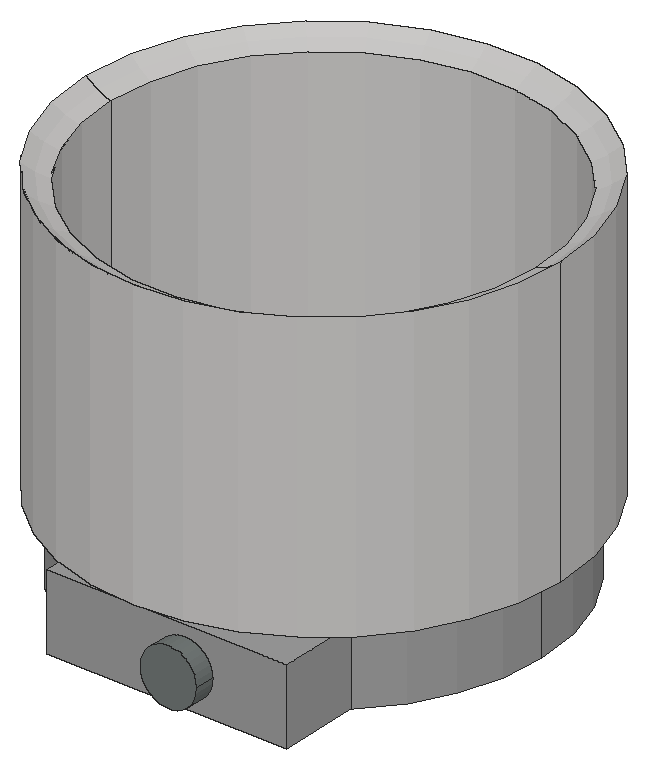
Revit family "QF_Vollrath 72009_72522", category Specialty Equipment, Revit 2016
Family settings
  Part Type = Normal
  Round Connector Dimension = Use Diameter
  OmniClass Number = 23.40.40.11.31
  OmniClass Title = Steam Tables
  Work Plane-Based = No
  Always vertical = Yes
  Cut with Voids When Loaded = No
  Shared = No
  Room Calculation Point = No
Parameters (values of type "72522")
  Width = 12.625"
  Weight in Pounds = 11.3
  Watts = 800 W
  Watermarked By = "http://revitwatermark.com"
  Volts = 230 V
  URL Cutsheet = ""
  URL = "www.vollrathco.com"
  Status [instance] = ""
  Specification by User [instance] = ""
  Specification by Manufacturer = ""
  Serial Number [instance] = ""
  Seismic Rating [instance] = ""
  Revision Code [instance] = ""
  Phase = 1
  Number of Poles [instance] = 1
  NAFEM Spec ID Number [instance] = ""
  Model = "72522"
  Masterspec = ""
  Manufacturer = "Vollrath"
  Item Number [instance] = ""
  Installed By [instance] = ""
  Height AFF [instance] = 36.00"
  Height = 9.625"
  Furnished By [instance] = ""
  Foodservice Equipment Identifier [instance] = yes
  FL Amps = 3.5 A
  Electrical Remarks [instance] = ""
  Electric Connection Type [instance] = ""
  Elec Conn RI Height [instance] = 0.00"
  Elec Conn Connection Height = 2.00"
  Description = "Merchandiser, Heat 'N Serve"
  Depth = 12.625"
  Cycle = 50 Hz
  Conn Plug = "SCHUKO"
  CSI MasterFormat = "11 42 13"
  Assembly Code = "E1090320"
  Apparent Power = if(Phase = 3, Volts * FL Amps * 1.73, Volts * FL Amps)  # 805 VA
Types (2): name | Volts | Model | FL Amps | Cycle | Conn Plug | Apparent Power
  72009 | 120 V | "72009" | 6.7 A | 60 Hz | "NEMA 5-15P" | 804 VA
  72522 | 230 V | "72522" | 3.5 A | 50 Hz | "SCHUKO" | 805 VA
Reference planes (in)
  plane 1: z = 0
  plane 2 "LEFT": x = 48
  plane 3 "BACK": y = -48
  plane 4 "BOTTOM": z = 36
  plane 5 "RIGHT": x = 60.625
  plane 6 "FRONT": y = -60.625
  plane 7 "TOP": z = 45.625
  plane 8: x = 54.3125
  plane 9: y = -54.3125
Forms (in)
  Revolve 1, solid, material "QF_Finishes_Stainless Steel"
    sketch origin (0, -54.3125, 0) x (1, 0, 0) y (0, 0, 1)
      loop
        line (54.3125, 38) -> (60.625, 38) -> (60.625, 45.625)
        arc (60.625, 45.625) -> (60.31715, 45.40822) -> (59.97548, 45.25) r 2.0966
        line (59.97548, 45.25) -> (59.97548, 38.625) -> (54.3125, 38.625) -> (54.3125, 38)
      axis (54.3125, 38) -> (54.3125, 45.625)
    angle from 0 to 360
  Revolve 2, solid, material "QF_Finishes_Grey"
    sketch origin (0, -54.3125, 0) x (1, 0, 0) y (0, 0, 1)
      loop
        line (54.3125, 38) -> (54.3125, 36) -> (60.12603, 36) -> (60.12603, 38) -> (54.3125, 38)
      axis (54.3125, 36) -> (54.3125, 38)
    angle from 0 to 360
  Extrusion 3, solid, material "QF_Finishes_Grey"
    sketch origin (0, -54.3125, 0) x (1, 0, 0) y (0, 0, 1)
      loop
        line (51.98162, 38) -> (51.98162, 36) -> (58.37, 36) -> (58.37, 38) -> (51.98162, 38)
    from 4.06377 to 6.29329
  Extrusion 4, solid, material "QF_Finishes_Black"
    sketch origin (0, -54.3125, 0) x (1, 0, 0) y (0, 0, 1)
      loop
        circle (55.64691, 36.96932) r 0.75
    from 4.79329 to 6.81377
Lines and regions (in)
  symbolic lines
    curve 1: arc (60.625, -54.3125, 0) -> (54.3125, -48, 0) -> (48, -54.3125, 0) r 6.3125
    curve 2: arc (48, -54.3125, 0) -> (54.3125, -60.625, 0) -> (60.625, -54.3125, 0) r 6.3125
    curve 3: arc (48.49897, -54.3125, 0) -> (54.3125, -60.12603, 0) -> (60.12603, -54.3125, 0) r 5.81353
    curve 4: arc (60.12603, -54.3125, 0) -> (54.3125, -48.49897, 0) -> (48.49897, -54.3125, 0) r 5.81353
Dimensions and locks (in)
  "Height AFF": plane 4 "BOTTOM" to level
  "Depth": plane 6 "FRONT" to plane 3 "BACK"
  "Height": plane 7 "TOP" to plane 4 "BOTTOM"
  equal spacing: plane 6 "FRONT", plane 9, plane 3 "BACK"
  equal spacing: plane 2 "LEFT", plane 8, plane 5 "RIGHT"
  "Width": plane 2 "LEFT" to plane 5 "RIGHT"
  aligned and locked: level to plane 1
Automatic sketch dimensions
  Revolve 1 sketch curve to plane 8 = 0.00"  (x2)
  Revolve 1 sketch curve to plane 5 "RIGHT" = 0.00"
  Revolve 1 sketch curve to plane 7 "TOP" = 0.00"
  Revolve 1 sketch curve to plane 5 "RIGHT" = 1.35615"
  Revolve 1 sketch curve to plane 7 "TOP" = 0.375"
  Revolve 1 sketch curve to plane 5 "RIGHT" = 0.64952"
  plane 4 "BOTTOM" to Revolve 1 sketch curve = 2.625"
  Revolve 1 sketch curve to Revolve 1 sketch curve = 0.625"
  Revolve 1 sketch curve to Revolve 1 sketch curve = 0.75"
  plane 7 "TOP" to Revolve 1 sketch curve = 1.50"
  Revolve 2 sketch curve to plane 8 = 0.00"  (x2)
  Revolve 2 sketch curve to plane 4 "BOTTOM" = 0.00"
  Revolve 2 sketch curve to plane 5 "RIGHT" = 0.49897"
  Revolve 2 sketch curve to plane 4 "BOTTOM" = 1.75"
  Revolve 2 sketch curve to Revolve 2 sketch curve = 2.00"
  Revolve 2 sketch curve to Revolve 2 sketch curve = 3.00"
  Extrusion 3 sketch curve to plane 4 "BOTTOM" = 0.00"
  Extrusion 3 sketch curve to plane 8 = 2.33088"
  Extrusion 3 sketch curve to plane 5 "RIGHT" = 2.255"
  Extrusion 3 sketch curve to Extrusion 3 sketch curve = 2.00"
  plane 8 to Extrusion 4 sketch curve = 1.33441"
  plane 4 "BOTTOM" to Extrusion 4 sketch curve = 0.96932"
  curve 2 to plane 2 "LEFT" = 0.00"
  curve 2 to plane 8 = 0.00"
  curve 1 to plane 9 = 0.00"
  curve 1 to curve 3 = 0.00"  (x2)
  plane 2 "LEFT" to curve 3 = 0.49897"
  radius of Extrusion 4 sketch curve = 0.75"
